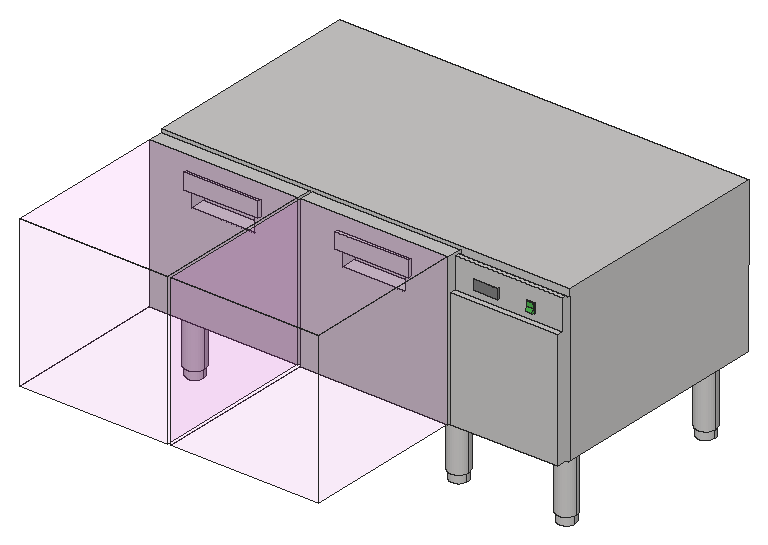
Revit family "QF_ELECTROLUXPROFESSIONAL_371290_E7TTAECOMIN", category Specialty Equipment, Revit 2018 (continued)
Automatic sketch dimensions
  Split face 149 sketch curve to Split face 149 sketch curve = 0.02 mm  (x2)
  Split face 149 sketch curve to Extrusion 4 = 22.519 mm
  Split face 149 sketch curve to Extrusion 4 = 41.004 mm
  Split face 149 sketch curve to Split face 149 sketch curve = 4 mm
  Split face 150 sketch curve to Extrusion 4 = 25.004 mm
  Split face 150 sketch curve to Extrusion 4 = 54.499 mm
  Split face 150 sketch curve to Split face 150 sketch curve = 0.02 mm  (x2)
  Split face 150 sketch curve to Extrusion 4 = 22.519 mm
  Split face 150 sketch curve to Split face 150 sketch curve = 4 mm
  Split face 151 sketch curve to Extrusion 4 = 24.901 mm
  Split face 151 sketch curve to Extrusion 4 = 54.499 mm
  Split face 151 sketch curve to Split face 151 sketch curve = 0.02 mm  (x2)
  Split face 151 sketch curve to Extrusion 4 = 22.519 mm
  Split face 151 sketch curve to Split face 151 sketch curve = 4 mm
  plane 4 to Extrusion 8 sketch curve = 1.587 mm
  Extrusion 8 sketch curve to plane 3 "Centro (Sinistra/Destra)" = 156.499 mm
  Extrusion 8 sketch curve to plane 17 = 8.498 mm
  Extrusion 8 sketch curve to plane 5 "TOP" = 9.006 mm
  Split face 152 sketch curve to Extrusion 4 = 20.5 mm
  Split face 152 sketch curve to Split face 152 sketch curve = 0.02 mm  (x2)
  Split face 152 sketch curve to Split face 152 sketch curve = 31.959 mm
  Split face 152 sketch curve to Extrusion 4 = 140.797 mm
  Split face 152 sketch curve to Split face 152 sketch curve = 4 mm
  Split face 153 sketch curve to Extrusion 4 = 20.5 mm
  Split face 153 sketch curve to Split face 153 sketch curve = 0.02 mm  (x2)
  Split face 153 sketch curve to Split face 153 sketch curve = 31.959 mm
  Split face 153 sketch curve to Extrusion 4 = 152.797 mm
  Split face 153 sketch curve to Split face 153 sketch curve = 4 mm
  Split face 154 sketch curve to Extrusion 4 = 20.5 mm
  Split face 154 sketch curve to Split face 154 sketch curve = 0.02 mm  (x2)
  Split face 154 sketch curve to Split face 154 sketch curve = 31.959 mm
  Split face 154 sketch curve to Extrusion 4 = 148.203 mm
  Split face 154 sketch curve to Split face 154 sketch curve = 4 mm
  Split face 155 sketch curve to Extrusion 4 = 65.502 mm
  Split face 155 sketch curve to Split face 155 sketch curve = 0.02 mm  (x2)
  Split face 155 sketch curve to Split face 155 sketch curve = 31.959 mm
  Split face 155 sketch curve to Extrusion 4 = 140.797 mm
  Split face 155 sketch curve to Split face 155 sketch curve = 4 mm
  Split face 156 sketch curve to Extrusion 4 = 65.502 mm
  Split face 156 sketch curve to Split face 156 sketch curve = 0.02 mm  (x2)
  Split face 156 sketch curve to Split face 156 sketch curve = 31.959 mm
  Split face 156 sketch curve to Extrusion 4 = 152.797 mm
  Split face 156 sketch curve to Split face 156 sketch curve = 4 mm
  Split face 157 sketch curve to Extrusion 4 = 65.502 mm
  Split face 157 sketch curve to Split face 157 sketch curve = 0.02 mm  (x2)
  Split face 157 sketch curve to Split face 157 sketch curve = 31.959 mm
  Split face 157 sketch curve to Extrusion 4 = 148.203 mm
  Split face 157 sketch curve to Split face 157 sketch curve = 4 mm
  Split face 158 sketch curve to Extrusion 4 = 110.502 mm
  Split face 158 sketch curve to Split face 158 sketch curve = 0.02 mm  (x2)
  Split face 158 sketch curve to Split face 158 sketch curve = 31.959 mm
  Split face 158 sketch curve to Extrusion 4 = 140.797 mm
  Split face 158 sketch curve to Split face 158 sketch curve = 4 mm
  Split face 159 sketch curve to Extrusion 4 = 110.502 mm
  Split face 159 sketch curve to Split face 159 sketch curve = 0.02 mm  (x2)
  Split face 159 sketch curve to Split face 159 sketch curve = 31.959 mm
  Split face 159 sketch curve to Extrusion 4 = 152.797 mm
  Split face 159 sketch curve to Split face 159 sketch curve = 4 mm
  Split face 160 sketch curve to Extrusion 4 = 110.502 mm
  Split face 160 sketch curve to Split face 160 sketch curve = 0.02 mm  (x2)
  Split face 160 sketch curve to Split face 160 sketch curve = 31.959 mm
  Split face 160 sketch curve to Extrusion 4 = 148.203 mm
  Split face 160 sketch curve to Split face 160 sketch curve = 4 mm
  Split face 161 sketch curve to Extrusion 4 = 155.502 mm
  Split face 161 sketch curve to Split face 161 sketch curve = 0.02 mm  (x2)
  Split face 161 sketch curve to Split face 161 sketch curve = 31.959 mm
  Split face 161 sketch curve to Extrusion 4 = 140.797 mm
  Split face 161 sketch curve to Split face 161 sketch curve = 4 mm
  Split face 162 sketch curve to Extrusion 4 = 155.502 mm
  Split face 162 sketch curve to Split face 162 sketch curve = 0.02 mm  (x2)
  Split face 162 sketch curve to Split face 162 sketch curve = 31.959 mm
  Split face 162 sketch curve to Extrusion 4 = 152.797 mm
  Split face 162 sketch curve to Split face 162 sketch curve = 4 mm
  Split face 163 sketch curve to Extrusion 4 = 155.502 mm
  Split face 163 sketch curve to Split face 163 sketch curve = 0.02 mm  (x2)
  Split face 163 sketch curve to Split face 163 sketch curve = 31.959 mm
  Split face 163 sketch curve to Extrusion 4 = 148.203 mm
  Split face 163 sketch curve to Split face 163 sketch curve = 4 mm
  Split face 164 sketch curve to Extrusion 4 = 144.498 mm
  Split face 164 sketch curve to Split face 164 sketch curve = 0.02 mm  (x2)
  Split face 164 sketch curve to Split face 164 sketch curve = 31.959 mm
  Split face 164 sketch curve to Extrusion 4 = 140.797 mm
  Split face 164 sketch curve to Split face 164 sketch curve = 4 mm
  Split face 165 sketch curve to Extrusion 4 = 144.498 mm
  Split face 165 sketch curve to Split face 165 sketch curve = 0.02 mm  (x2)
  Split face 165 sketch curve to Split face 165 sketch curve = 31.959 mm
  Split face 165 sketch curve to Extrusion 4 = 152.797 mm
  Split face 165 sketch curve to Split face 165 sketch curve = 4 mm
  Split face 166 sketch curve to Extrusion 4 = 144.498 mm
  Split face 166 sketch curve to Split face 166 sketch curve = 0.02 mm  (x2)
  Split face 166 sketch curve to Split face 166 sketch curve = 31.959 mm
  Split face 166 sketch curve to Extrusion 4 = 148.203 mm
  Split face 166 sketch curve to Split face 166 sketch curve = 4 mm
  Split face 167 sketch curve to Extrusion 4 = 99.499 mm
  Split face 167 sketch curve to Split face 167 sketch curve = 0.02 mm  (x2)
  Split face 167 sketch curve to Split face 167 sketch curve = 31.959 mm
  Split face 167 sketch curve to Extrusion 4 = 140.797 mm
  Split face 167 sketch curve to Split face 167 sketch curve = 4 mm
  Split face 168 sketch curve to Extrusion 4 = 99.499 mm
  Split face 168 sketch curve to Split face 168 sketch curve = 0.02 mm  (x2)
  Split face 168 sketch curve to Split face 168 sketch curve = 31.959 mm
  Split face 168 sketch curve to Extrusion 4 = 152.797 mm
  Split face 168 sketch curve to Split face 168 sketch curve = 4 mm
  Split face 169 sketch curve to Extrusion 4 = 99.499 mm
  Split face 169 sketch curve to Split face 169 sketch curve = 0.02 mm  (x2)
  Split face 169 sketch curve to Split face 169 sketch curve = 31.959 mm
  Split face 169 sketch curve to Extrusion 4 = 148.203 mm
  Split face 169 sketch curve to Split face 169 sketch curve = 4 mm
  Split face 170 sketch curve to Extrusion 4 = 54.499 mm
  Split face 170 sketch curve to Split face 170 sketch curve = 0.02 mm  (x2)
  Split face 170 sketch curve to Extrusion 4 = 22.519 mm
  Split face 170 sketch curve to Extrusion 4 = 140.797 mm
  Split face 170 sketch curve to Split face 170 sketch curve = 4 mm
  Split face 171 sketch curve to Extrusion 4 = 54.499 mm
  Split face 171 sketch curve to Split face 171 sketch curve = 0.02 mm  (x2)
  Split face 171 sketch curve to Extrusion 4 = 22.519 mm
  Split face 171 sketch curve to Extrusion 4 = 152.797 mm
  Split face 171 sketch curve to Split face 171 sketch curve = 4 mm
  Split face 172 sketch curve to Extrusion 4 = 54.499 mm
  Split face 172 sketch curve to Split face 172 sketch curve = 0.02 mm  (x2)
  Split face 172 sketch curve to Extrusion 4 = 22.519 mm
  Split face 172 sketch curve to Extrusion 4 = 148.203 mm
  Split face 172 sketch curve to Split face 172 sketch curve = 4 mm
  Extrusion 9 sketch curve to Extrusion 2 = 15 mm  (x2)
  Extrusion 2 to Extrusion 9 sketch curve = 31.031 mm
  Extrusion 9 sketch curve to Extrusion 2 = 13.969 mm
  plane 4 to Extrusion 10 sketch curve = 1.587 mm
  Extrusion 10 sketch curve to plane 17 = 8.498 mm
  Extrusion 10 sketch curve to plane 14 = 75.198 mm
  Extrusion 10 sketch curve to plane 3 "Centro (Sinistra/Destra)" = 32.799 mm
  Extrusion 10 sketch curve to plane 3 "Centro (Sinistra/Destra)" = 156.499 mm
  Extrusion 10 sketch curve to plane 5 "TOP" = 143.294 mm
  Extrusion 10 sketch curve to plane 5 "TOP" = 65 mm
  Extrusion 10 sketch curve to plane 5 "TOP" = 9.006 mm
  Extrusion 11 sketch curve to Extrusion 10 = 15 mm  (x2)
  Extrusion 10 to Extrusion 11 sketch curve = 31.031 mm
  Extrusion 11 sketch curve to Extrusion 10 = 13.969 mm
  Extrusion 1 sketch curve to plane 18 = 0 mm
  Extrusion 1 sketch curve to plane 9 "RIGHT" = 1 mm
  Extrusion 12 sketch curve to plane 20 = 0 mm
  Extrusion 12 sketch curve to plane 21 = 0 mm
  curve 1 to plane 6 "BACK" = 0 mm
  curve 1 to plane 18 = 0 mm
  curve 17 to plane 10 = 0 mm
  curve 15 to plane 18 = 0 mm
  curve 5 to plane 11 = 0 mm
  curve 3 to plane 19 = 0 mm
  curve 13 to plane 3 "Centro (Sinistra/Destra)" = 164.999 mm
  curve 9 to curve 10 = 8.5 mm
  curve 12 to plane 17 = 8.498 mm
  curve 10 to plane 7 "FRONT" = 123 mm
  curve 9 to plane 7 "FRONT" = 123 mm
  curve 13 to curve 9 = 40 mm
  curve 16 to curve 10 = 40 mm
  curve 2 to curve 5 = 20 mm
  curve 6 to curve 9 = 20 mm
  curve 10 to curve 7 = 20 mm
  curve 8 to curve 10 = 20 mm
  radius of Split face 2 sketch curve = 1.2 mm
  radius of Split face 3 sketch curve = 1.2 mm
  radius of Split face 4 sketch curve = 1.2 mm
  radius of Split face 5 sketch curve = 1.2 mm
  radius of Split face 6 sketch curve = 1.2 mm
  radius of Split face 7 sketch curve = 1.2 mm
  radius of Extrusion 12 sketch curve = 6 mm
Nested families
  nested 1: "Foot H200" at (-545, -249, 0), type "Foot H200"
  nested 2: "Foot H200" at (-545, 262, 0), type "Foot H200"
  nested 3: "Foot H200" at (229, -249, 0) x (-1, 0, 0) z (0, 0, 1), type "Foot H200"
  nested 4: "Foot H200" at (229, 262, 0) x (-1, 0, 0) z (0, 0, 1), type "Foot H200"
  nested 5: "Foot H200" at (545, -249, 0) x (-1, 0, 0) z (0, 0, 1), type "Foot H200"
  nested 6: "Foot H200" at (545, 262, 0) x (-1, 0, 0) z (0, 0, 1), type "Foot H200"
  nested 7: "01_Refrigerator" at (350, -150, 0), type "01_Refrigerator"
Connectors
  electrical at (560, 190, 189.987)
    settings: on Extrusion 12, index 1, voltage 0 V, apparent load 0 VA, apparent load phase1 0 VA, apparent load phase2 0 VA, apparent load phase3 0 VA, power factor 1, load classification "Altro", number of poles 1, system type 30, power factor state 1, is connector primary yes, connector utility no, sub classification motor no, connector description "Electrical"
Definition of nested family "Foot H200"
  Reference planes
    plane 1 "Centro (Fronte/Retro)": y = 0
    plane 2: z = 0
    plane 3 "Centro (Sinistra/Destra)": x = 0
    plane 4: z = 200
  Forms (mm)
    Revolve 1, solid
      sketch origin (255.05, 0, 608.09) x (0, 0, 1) y (-1, 0, 0)
        loop
          line (-608.09, 255.05) -> (-608.09, 230.05) -> (-583.09, 230.05) -> (-583.09, 226.05) -> (-408.09, 226.05) -> (-408.09, 255.05) -> (-608.09, 255.05)
        axis (-608.09, 255.05) -> (-408.09, 255.05)
      angle from 0 to 360
  Dimensions and locks
    Revolve 1 sketch curve to Revolve 1 sketch curve = 175 mm
    plane 4 to level = 200 mm
    aligned and locked: level to plane 2
    aligned and locked: plane 4 to Revolve 1 sketch curve
    aligned and locked: Revolve 1 sketch curve to level
    aligned and locked: plane 3 "Centro (Sinistra/Destra)" to Revolve 1 sketch curve
Definition of nested family "01_Refrigerator"
  Reference planes
    plane 1 "Center (Front/Back)": y = 0
    plane 2: z = 0
    plane 3 "Center (Left/Right)": x = 0
  Lines and regions (mm)
    detail lines, in view "Ref. Level"
      curve 1: line (0, -60, 0) -> (0, 60, 0)
      curve 2: line (-51.962, 30, 0) -> (51.962, -30, 0)
      curve 3: line (-51.962, -30, 0) -> (51.962, 30, 0)
      curve 4: line (19.116, 56.873, 0) -> (0, 35, 0)
      curve 5: line (0, 35, 0) -> (-19.116, 56.873, 0)
      curve 6: line (-30.311, 17.5, 0) -> (-40, 45.883, 0)
      curve 7: line (-59.736, 11.7, 0) -> (-30.311, 17.5, 0)
      curve 8: line (-30.311, -17.5, 0) -> (-59.736, -11.7, 0)
      curve 9: line (-40, -45.883, 0) -> (-30.311, -17.5, 0)
      curve 10: line (0, -35, 0) -> (-19.116, -56.873, 0)
      curve 11: line (19.116, -56.873, 0) -> (0, -35, 0)
      curve 12: line (30.311, -17.5, 0) -> (39.696, -44.992, 0)
      curve 13: line (58.812, -11.882, 0) -> (30.311, -17.5, 0)
      curve 14: line (30.311, 17.5, 0) -> (58.812, 11.882, 0)
      curve 15: line (39.696, 44.992, 0) -> (30.311, 17.5, 0)
      curve 16: spline (-200, 0, 0) -> (-193.185, -23.294, 0) -> (-173.205, -45, 0) -> (-141.421, -63.64, 0) -> (-100, -77.942, 0) -> (-51.764, -86.933, 0) -> (0, -90, 0) -> (51.764, -86.933, 0) -> (100, -77.942, 0) -> (141.421, -63.64, 0) -> (173.205, -45, 0) -> (193.185, -23.294, 0) -> (200, 0, 0) -> (193.185, 23.294, 0) -> (173.205, 45, 0) -> (141.421, 63.64, 0) -> (100, 77.942, 0) -> (51.764, 86.933, 0) -> (0, 90, 0) -> (-51.764, 86.933, 0) -> (-100, 77.942, 0) -> (-141.421, 63.64, 0) -> (-173.205, 45, 0) -> (-193.185, 23.294, 0) -> (-200, 0, 0)
Types (2, lengths in mm): name | URL | Manufacturer | Phase | Model | Description
  (no name) | 0 | 0 | 0 | 0 | 0
  Standard | "http://professional.electrolux.com" | "Electrolux Professional" | 1 | "E7TTAECOMIN" | "REFRIGERATED BASE WITH 2 DRAWERS 1200MM - R290"
